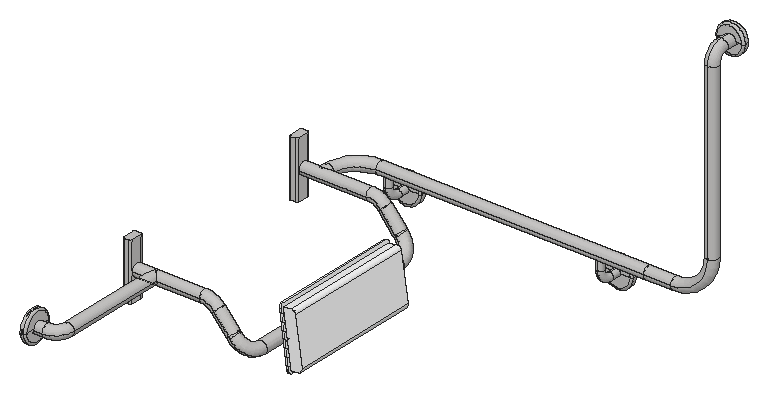
Revit family "rba-bim-rba4150-230", category Plumbing Fixtures, Revit 2016
Family settings
  Part Type = Normal
  Round Connector Dimension = Use Diameter
  Work Plane-Based = No
  Always vertical = Yes
  Cut with Voids When Loaded = No
  Shared = No
  Room Calculation Point = No
Parameters (values of type "RBA4150-230")
  Watermarked By = "www.rba.com.au"
  URL = "http://www.rba.com.au"
  R_Void [instance] = 15 mm
  R [instance] = 0 mm
  Model = "RBA4150-230"
  Manufacturer = "RBA GROUP"
  Description = "Wraparound, 2 Wall Grab Bar, 90 Deg Riser, Left Hand, Intergrated Backrest"
  Copyrighted by = "RBA Group"  # constant formula
  Backrest Material = Polyurethane White
  Assembly Code = ""
Reference planes
  plane 1 "Center (Front/Back)": y = 0
  plane 2: z = 0
  plane 3: x = 140.5
  plane 4: y = -1062.5
  plane 5: z = -70
  plane 6: z = -100
  plane 7: z = -40
  plane 8: x = 343
  plane 9: x = 283
  plane 10: z = -100
  plane 11: z = -40
  plane 12: x = 915.754
  plane 13: x = 855.754
  plane 14: x = 311.438
  plane 15: x = 885.75
  plane 16: z = -30
  plane 17: z = 30
  plane 18: y = -1032.5
  plane 19: y = -1092.5
  plane 20: x = 1190.75
  plane 21: through (1090.5, -4572, -0.294) normal (0.766, 0, 0.6428)
  plane 22: x = 211.438
  plane 23: x = 227.5
  plane 24: y = -455
  plane 25: y = -455
  plane 26: y = -172.5
  plane 27: y = -737.5
  plane 28: y = -70.5
  plane 29: y = -86.967
  plane 30: z = -184.004
  plane 31: z = 15.996
  plane 32: z = 600
Forms (mm)
  Extrusion 1, solid, material "Rail Steel"
    sketch origin (143.128, -1062.5, 315.907) x (0, 0, -1) y (0, -1, 0)
      loop
        circle (315.907, 0) r 40
    from -0.219 to 2.628
  Revolve 2, solid, material "Rail Steel"
    sketch origin (121.837, -1062.5, 0) x (1, 0, 0) y (0, 1, 0)
      loop
        line (18.663, 0) -> (33.701, 0) -> (32.842, 36.617)
        arc (32.842, 36.617) -> (31.337, 40.077) -> (27.844, 41.5) r 5
        line (27.844, 41.5) -> (18.663, 41.5) -> (18.663, 0)
      axis (18.663, 0) -> (33.701, 0)
    angle from 0 to 360
  Sweep 3, solid, material "Rail Steel"
    path origin (131.046, -1075.469, 0) x (1, 0, 0) y (0, 1, 0)
      loop
        line (80.454, 902.969) -> (80.454, 924.5)
        arc (80.454, 924.5) -> (103.886, 981.069) -> (160.454, 1004.5) r 80
        line (160.454, 1004.5) -> (885.454, 1004.5)
    profile origin (211.5, -161.734, 0) x (-1, 0, 0) y (0, 0, 1)
      loop
        circle (0, 0) r 16
  Extrusion 4, solid, material "Rail Steel"
    sketch origin (312.375, -2.628, 245.907) x (0, 0, -1) y (-1, 0, 0)
      loop
        circle (315.907, 0) r 40
    from -0.219 to 2.628
  Revolve 5, solid, material "Rail Steel"
    sketch origin (312.375, 18.663, -70) x (0, -1, 0) y (1, 0, 0)
      loop
        line (18.663, 0) -> (18.663, -41.5) -> (27.844, -41.5)
        arc (27.844, -41.5) -> (31.337, -40.077) -> (32.842, -36.617) r 5
        line (32.842, -36.617) -> (33.701, 0) -> (18.663, 0)
      axis (18.663, 0) -> (33.701, 0)
    angle from 0 to 360
  Sweep 6, solid, material "Rail Steel"
    path origin (311.75, 11.954, -70.11) x (0, -1, 0) y (0, 0, -1)
      loop
        line (12.302, 0) -> (50.454, 0)
        arc (50.454, 0) -> (73.082, -9.373) -> (82.454, -32) r 32
        line (82.454, -32) -> (82.454, -70.11)
    profile origin (311.75, -19.424, -70.11) x (0, 0, -1) y (1, 0, 0)
      loop
        circle (0, 0) r 9.55
  Extrusion 7, void
    sketch origin (313, 34.941, 245.907) x (0, 0, -1) y (-1, 0, 0)
      loop
        circle (315.907, -30) r 5
      loop
        circle (315.907, 30) r 5
    from -37.788 to -30
  Extrusion 8, solid, material "Rail Steel"
    sketch origin (885.754, -2.628, 244.657) x (0, 0, -1) y (-1, 0, 0)
      loop
        circle (315.907, 0) r 40
    from -0.219 to 2.628
  Revolve 9, solid, material "Rail Steel"
    sketch origin (885.754, 18.663, -71.25) x (0, -1, 0) y (1, 0, 0)
      loop
        line (18.663, 0) -> (18.663, -41.5) -> (27.844, -41.5)
        arc (27.844, -41.5) -> (31.337, -40.077) -> (32.842, -36.617) r 5
        line (32.842, -36.617) -> (33.701, 0) -> (18.663, 0)
      axis (18.663, 0) -> (33.701, 0)
    angle from 0 to 360
  Sweep 10, solid, material "Rail Steel"
    path origin (885.754, 11.954, -70.11) x (0, -1, 0) y (0, 0, -1)
      loop
        line (12.302, 0) -> (50.454, 0)
        arc (50.454, 0) -> (73.082, -9.373) -> (82.454, -32) r 32
        line (82.454, -32) -> (82.454, -70.11)
    profile origin (885.754, -19.424, -70.11) x (0, 0, -1) y (1, 0, 0)
      loop
        circle (0, 0) r 9.55
  Extrusion 11, void
    sketch origin (885.754, 34.941, 245.907) x (0, 0, -1) y (-1, 0, 0)
      loop
        circle (315.907, -30) r 5
      loop
        circle (315.907, 30) r 5
    from -37.788 to -30
  Sweep 12, solid, material "Rail Steel"
    path origin (167, 2.031, 0) x (-1, 0, 0) y (0, 0, -1)
      loop
        line (-849.5, 0) -> (-923.233, 0)
        arc (-923.233, 0) -> (-993.944, -29.289) -> (-1023.233, -100) r 100
        line (-1023.233, -100) -> (-1023.233, -568)
    profile origin (1053.367, 2.031, 0) x (0, 0, 1) y (0, -1, 0)
      loop
        circle (0, 73) r 16
  Extrusion 13, void
    sketch origin (105.559, -1062.5, 315.907) x (0, 0, -1) y (0, -1, 0)
      loop
        circle (315.907, -30) r 5
      loop
        circle (315.907, 30) r 5
    from -37.788 to -30
  Sweep 14, solid, material "Rail Steel"
    path origin (0, 12.5, 0) x (1, 0, 0) y (0, 1, 0)
      loop
        line (140.5, -1075) -> (179.5, -1075)
        arc (179.5, -1075) -> (202.127, -1065.627) -> (211.5, -1043) r 32
        line (211.5, -1043) -> (211.5, -750)
    profile origin (160, -1062.5, 0) x (0, 1, 0) y (0, 0, 1)
      loop
        circle (0, 0) r 16
Cuts and joins
  Extrusion 7 cuts Extrusion 4
  Extrusion 13 cuts Revolve 2
  Extrusion 7 cuts Revolve 5
  Extrusion 11 cuts Revolve 9
  joined: Revolve 2, Sweep 3, Revolve 5, Sweep 6, Revolve 9, Sweep 10, Sweep 12
  Extrusion 11 cuts Extrusion 8
  Extrusion 13 cuts Extrusion 1
Dimensions and locks
  plane 4 to plane 1 "Center (Front/Back)" = 1062.5 mm
  locked: plane 2 to plane 5 at 70
  plane 1 "Center (Front/Back)" to plane 4 = 1062.5 mm
  Revolve 2 sketch curve to Revolve 2 sketch curve = 41.5 mm
  Revolve 5 sketch curve to Revolve 5 sketch curve = 41.5 mm
  plane 7 to plane 6 = 60 mm
  plane 9 to plane 8 = 60 mm
  Revolve 9 sketch curve to Revolve 9 sketch curve = 41.5 mm
  plane 11 to plane 10 = 60 mm
  plane 13 to plane 12 = 60 mm
  plane 17 to plane 16 = 60 mm
  plane 19 to plane 18 = 60 mm
  plane 20 to plane 3 = 1050.25 mm
  locked: plane 22 to plane 14 at 100
  plane 20 to plane 22 = 979.312 mm
  plane 22 to plane 3 = 70.938 mm
  plane 20 to plane 15 = 305 mm
  plane 22 to plane 20 = 979.312 mm
  plane 22 to plane 14 = 100 mm
  plane 23 to plane 3 = 87 mm
  plane 24 to plane 1 "Center (Front/Back)" = 455 mm
  plane 27 to plane 25 to plane 26 = 282.5 mm, 282.5 mm
  plane 27 to plane 26 = 565 mm
  plane 27 to plane 4 = 325 mm
  plane 28 to plane 1 "Center (Front/Back)" = 70.5 mm
  plane 15 to plane 20 = 305 mm
  plane 29 to plane 1 "Center (Front/Back)" = 86.967 mm
  plane 31 to plane 30 = 200 mm
  plane 32 to level = 600 mm
  radius of Extrusion 1 sketch curve = 40 mm
  radius of Sweep 3 sketch curve = 16 mm
  radius of Extrusion 4 sketch curve = 40 mm
  radius of Sweep 6 sketch curve = 9.55 mm
  radius of Extrusion 8 sketch curve = 40 mm
  radius of Sweep 10 sketch curve = 9.55 mm
  angle level to Sweep 12 sketch curve = 90.00°
  angle plane 20 to level = 90.00°
  aligned and locked: Extrusion 1 to Revolve 2
  aligned and locked: Revolve 9 to Extrusion 8
Nested families
  nested 1: "FamilyID" at (274, 0, 0), type "FamilyID"
  nested 2: "RBA4150-202" at (140.5, -778, -70) x (0, 1, 0) z (0, 0, 1), type "RBA4150-202"
    with R_Void 15 mm, R 0 mm
  nested 3: "MOUNTING" at (974.733, 2.051, -500.035), type "Mount Flange"
    with R_Void 15 mm, R 0 mm
  nested 4: "FamilyID" at (270.875, 0, 0), type "FamilyID"
Definition of nested family "RBA4150-202"
  Parameters
    Watermarked By = "http://www.rba.com.au"
    URL = "http://www.rba.com.au/accessible-disabled/grab-rails"
    Seat = none
    R_Void [instance] = 15 mm
    R [instance] = 0 mm
    Phone # = "1300 123 451"
    Model = "RBA4150-202"
    Manufacturer = "RBA Group"
    Description = "Bent Arm Backrest"
    Bar = none
    Backrest = none
    Assembly Code = ""
  Reference planes
    plane 1 "Center (Front/Back)": y = 0
    plane 2: z = 0
    plane 3: x = 205.5
    plane 4: x = 440.5
    plane 5: x = 40.5
    plane 6: x = 605.5
    plane 7: through (0, -369.751, -0.435) normal (0, 0.9903, -0.1392)
    plane 8: through (0, -283.646, 4.633) normal (0, 0.766, -0.6428)
    plane 9: z = -114.004
    plane 10: z = -54.004
    plane 11: x = 40.5
    plane 12: x = 605.5
  Forms (mm)
    Extrusion 1, solid, material <- "Backrest"
      sketch origin (434.319, -254.041, -33.579) x (0, 0.99863, -0.052336) y (0, -0.052336, -0.99863)
        loop
          line (-84.097, -71.275) -> (-97.04, 76.664) -> (-120.413, 74.619)
          arc (-120.413, 74.619) -> (-128.506, 70.406) -> (-131.25, 61.703) r 11.922
          line (-131.25, 61.703) -> (-120.385, -62.483)
          arc (-120.385, -62.483) -> (-116.172, -70.576) -> (-107.47, -73.32) r 11.922
          line (-107.47, -73.32) -> (-84.097, -71.275)
      from -66.181 to 288.819
    Extrusion 2, solid
      sketch origin (0, 131.026, -98.748) x (1, 0, 0) y (0, 0.990268, -0.139173)
        loop
          line (165.5, -469.83) -> (165.5, -475.44) -> (478.632, -475.44) -> (478.632, -469.83) -> (165.5, -469.83)
      from -49.824 to 50.556
    Sweep 3, solid
      path origin (0, -24.603, 313.349) x (1, 0, 0) y (0, 0.642788, 0.766044)
        loop
          line (40.5, -403) -> (40.5, -408)
          arc (40.5, -408) -> (55.145, -443.355) -> (90.5, -458) r 50
          line (90.5, -458) -> (555.5, -458)
          arc (555.5, -458) -> (590.855, -443.355) -> (605.5, -408) r 50
          line (605.5, -408) -> (605.5, -403)
      profile origin (323, -318.999, -37.499) x (0, 0.642788, 0.766044) y (0, -0.766044, 0.642788)
        loop
          circle (0, 0) r 16
    Revolve 4, solid
      sketch origin (0, 68.423, -94.295) x (1, 0, 0) y (0, 0.990268, -0.139173)
        loop
          line (195.5, -391.81) -> (195.5, -401.81) -> (185.5, -401.81) -> (185.5, -407.81) -> (205.5, -407.81) -> (205.5, -391.81) -> (195.5, -391.81)
        axis (205.5, -407.81) -> (205.5, -391.81)
      angle from 0 to 360
    Extrusion 5, solid
      sketch origin (0, -1.59, 0) x (1, 0, 0) y (0, 1, 0)
        loop
          arc (20.5, -15.41) -> (21.964, -18.945) -> (25.5, -20.41) r 5
          line (25.5, -20.41) -> (55.5, -20.41)
          arc (55.5, -20.41) -> (59.036, -18.945) -> (60.5, -15.41) r 5
          line (60.5, -15.41) -> (60.5, -3.41)
          arc (60.5, -3.41) -> (59.036, 0.126) -> (55.5, 1.59) r 5
          line (55.5, 1.59) -> (25.5, 1.59)
          arc (25.5, 1.59) -> (21.964, 0.126) -> (20.5, -3.41) r 5
          line (20.5, -3.41) -> (20.5, -15.41)
      from -7.5 to 147.5
    Sweep 6, solid
      path origin (40.5, -15.544, 0) x (0, -1, 0) y (0, 0, 1)
        loop
          line (2.404, 70) -> (189.938, 70)
          arc (189.938, 70) -> (211.069, 65.315) -> (228.24, 52.139) r 50
          line (228.24, 52.139) -> (268.102, 4.633)
      profile origin (40.5, -111.715, 70) x (0, 0, 1) y (-1, 0, 0)
        loop
          circle (0, 0) r 16
    Extrusion 7, solid
      sketch origin (565, -1.59, 0) x (1, 0, 0) y (0, 1, 0)
        loop
          arc (20.5, -15.41) -> (21.964, -18.945) -> (25.5, -20.41) r 5
          line (25.5, -20.41) -> (55.5, -20.41)
          arc (55.5, -20.41) -> (59.036, -18.945) -> (60.5, -15.41) r 5
          line (60.5, -15.41) -> (60.5, -3.41)
          arc (60.5, -3.41) -> (59.036, 0.126) -> (55.5, 1.59) r 5
          line (55.5, 1.59) -> (25.5, 1.59)
          arc (25.5, 1.59) -> (21.964, 0.126) -> (20.5, -3.41) r 5
          line (20.5, -3.41) -> (20.5, -15.41)
      from -7.5 to 147.5
    Extrusion 8, solid, material <- "Backrest"
      sketch origin (0, -123.072, -61.269) x (1, 0, 0) y (0, 0.139173, 0.990268)
        loop
          line (150.5, -83.885) -> (495.5, -83.885)
          arc (495.5, -83.885) -> (502.571, -80.956) -> (505.5, -73.885) r 10
          line (505.5, -73.885) -> (505.5, 71.115)
          arc (505.5, 71.115) -> (502.571, 78.186) -> (495.5, 81.115) r 10
          line (495.5, 81.115) -> (150.5, 81.115)
          arc (150.5, 81.115) -> (143.429, 78.186) -> (140.5, 71.115) r 10
          line (140.5, 71.115) -> (140.5, -73.885)
          arc (140.5, -73.885) -> (143.429, -80.956) -> (150.5, -83.885) r 10
      from 218.537 to 223.537
    Sweep 9, solid
      path origin (605.5, -15.544, 0) x (0, -1, 0) y (0, 0, 1)
        loop
          line (2.404, 70) -> (189.938, 70)
          arc (189.938, 70) -> (211.069, 65.315) -> (228.24, 52.139) r 50
          line (228.24, 52.139) -> (268.102, 4.633)
      profile origin (605.5, -111.715, 70) x (0, 0, 1) y (-1, 0, 0)
        loop
          circle (0, 0) r 16
    Revolve 10, solid
      sketch origin (235, 68.389, -94.208) x (1, 0, 0) y (0, 0.990268, -0.139173)
        loop
          line (195.5, -391.81) -> (195.5, -401.81) -> (185.5, -401.81) -> (185.5, -407.81) -> (205.5, -407.81) -> (205.5, -391.81) -> (195.5, -391.81)
        axis (205.5, -407.81) -> (205.5, -391.81)
      angle from 0 to 360
  Cuts and joins
    joined: Sweep 3, Extrusion 5, Sweep 6, Extrusion 7
    joined: Extrusion 2, Revolve 4
    joined: Extrusion 1, Extrusion 8
  Dimensions and locks
    plane 4 to plane 3 = 235 mm
    Extrusion 5 sketch curve to Extrusion 5 sketch curve = 22 mm
    Extrusion 5 sketch curve to plane 5 to Extrusion 5 sketch curve = 20 mm, 20 mm
    Extrusion 7 sketch curve to Extrusion 7 sketch curve = 22 mm
    Extrusion 7 sketch curve to plane 6 to Extrusion 7 sketch curve = 20 mm, 20 mm
    cut or joined group of Sweep 3, Extrusion 5, Sweep 6, Extrusion 7 to cut or joined group of Sweep 3, Extrusion 5, Sweep 6, Extrusion 7 = 155 mm
    cut or joined group of Extrusion 1, Extrusion 8 to cut or joined group of Extrusion 1, Extrusion 8 = 40.384 mm
    cut or joined group of Extrusion 1, Extrusion 8 to cut or joined group of Extrusion 1, Extrusion 8 = 365 mm
    plane 11 to plane 12 = 565 mm
    angle plane 7 to plane 9 = 98.00°
  Nested families
    nested 1: "FamilyID" at (24.5, 0, 0), type "FamilyID"
  Definition of nested family "FamilyID"
    Parameters
      Watermarked By = ""
    Reference planes
      plane 1: y = 0
      plane 2: x = 0
    Text (mm)
      text "RBA COPYRIGHT" at (0.001, 0.001, 0)
Definition of nested family "MOUNTING"
  Parameters
    Watermarked By = "www.rba.com.au"
    URL = ""
    R_Void [instance] = 15 mm
    R [instance] = 0 mm
    Model = ""
    Manufacturer = "RBA GROUP"
    Description = ""
    BAR = none
    Assembly Code = ""
  Reference planes
    plane 1 "Center (Front/Back)": y = 0
    plane 2: z = 0
    plane 3: x = 40.5
    plane 4: x = 715.5
    plane 5: z = 1100
    plane 6: x = 215.5
    plane 7: x = 378
    plane 8: z = 1130
    plane 9: x = 243
    plane 10: x = 188
    plane 11: y = 0
    plane 12: y = -73
  Forms (mm)
    Extrusion 1, solid
      sketch origin (215.5, -2.628, 1415.907) x (0, 0, -1) y (-1, 0, 0)
        loop
          circle (315.907, 0) r 37.5
      from -7.372 to 2.628
    Revolve 2, solid
      sketch origin (215.5, 18.663, 1100) x (0, -1, 0) y (1, 0, 0)
        loop
          line (18.663, 0) -> (18.663, -39) -> (27.902, -39)
          arc (27.902, -39) -> (31.396, -37.577) -> (32.901, -34.117) r 5
          line (32.901, -34.117) -> (33.701, 0) -> (18.663, 0)
        axis (18.663, 0) -> (33.701, 0)
      angle from 0 to 360
    Sweep 3, solid
      path origin (215.5, 11.454, 1100) x (0, -1, 0) y (0, 0, 1)
        loop
          line (11.454, 0.035) -> (52.479, 0.035)
          arc (52.479, 0.035) -> (75.107, -9.338) -> (84.479, -31.965) r 32
      profile origin (215.5, -20.512, 1100.035) x (0, 0, 1) y (-1, 0, 0)
        loop
          circle (0, 0) r 16
    Extrusion 4, void
      sketch origin (215.5, 34.941, 1415.907) x (0, 0, -1) y (-1, 0, 0)
        loop
          circle (315.907, -27.5) r 5
        loop
          circle (315.907, 27.5) r 5
      from -46.533 to -30
  Cuts and joins
    Extrusion 4 cuts Revolve 2
    Extrusion 4 cuts Extrusion 1
  Dimensions and locks
    plane 5 to level = 1100 mm
    plane 4 to plane 6 to plane 3 = 500 mm, 175 mm
    Revolve 2 sketch curve to Revolve 2 sketch curve = 39 mm
    plane 10 to plane 9 = 55 mm
    radius of Extrusion 1 sketch curve = 37.5 mm
    radius of Sweep 3 sketch curve = 16 mm
    aligned and locked: Revolve 2 to Extrusion 1
  Nested families
    nested 1: "FamilyID" at (1.5, 0, 0), type "FamilyID"
  Definition of nested family "FamilyID"
    Reference planes
      plane 1: y = 0
      plane 2: x = 0
    Text (mm)
      text "RBA COPYRIGHT" at (0.001, 0.001, 0)
Definition of nested family "FamilyID"
  Reference planes
    plane 1: y = 0
    plane 2: x = 0
  Text (mm)
    text "RBA COPYRIGHT" at (0.001, 0.001, 0)
